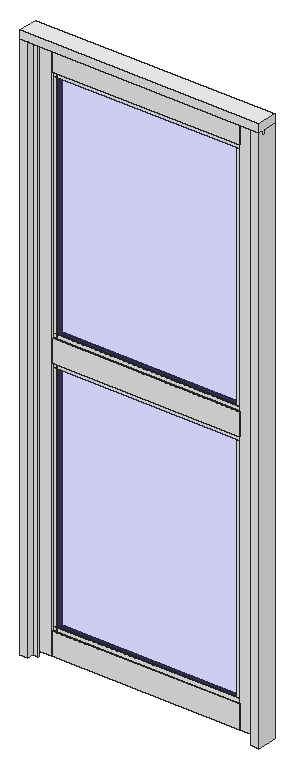
Revit family
Parameters (values of type "SHDM0921")
  Frame Projection Ext. = 25 mm
  Frame Projection Int. = 25 mm
  Frame Width = 75 mm
  Height = 2090 mm
  Wall Closure = (empty or 0)
  Width = 890 mm
Reference planes
  plane 1: y = 0
  plane 2 "Center (Left/Right)": x = 0
  plane 3 "Left": x = -445
  plane 4 "Right": x = 445
  plane 5: z = 2090
  plane 6 "Exterior": y = 75
  plane 7 "Interior": y = -75
Forms (mm)
  Sweep 1, solid, material "Default Frame"
    path origin (-995, -75, 0) x (1, 0, 0) y (0, 0, -1)
      loop
        line (1440, 0) -> (1440, -2060)
    profile origin (445, -75, 1030) x (1, 0, 0) y (0, 1, 0)
      loop
        line (-48, 60.201) -> (-30, 60.201) -> (-30, 37.5) -> (0, 37.5) -> (0, 112.5) -> (-30, 112.5) -> (-30, 62.001) -> (-37.2, 62.001) -> (-37.2, 64.501) -> (-48, 64.501) -> (-48, 60.201)
  Sweep 2, solid, material "Rubber seal"
    path origin (-995, 66.75, -154) x (1, 0, 0) y (0, 0, 1)
      loop
        line (1330.977, 270.023) -> (1330.977, 1133.977) -> (659.023, 1133.977) -> (659.023, 270.023) -> (1330.977, 270.023)
    profile origin (0, 66.75, 116.023) x (0, 0, -1) y (0, -1, 0)
      loop
        line (0, 65.25) -> (0, 62) -> (5, 62) -> (5, 65.25) -> (0, 65.25)
      loop
        line (0, 52.713) -> (5, 52.713) -> (5, 56) -> (0, 56) -> (0, 52.713)
  Extrusion 3, solid, material "Glass"
    sketch origin (-995, 10.75, -154) x (1, 0, 0) y (0, 0, 1)
      loop
        line (1335.977, 2115) -> (654.023, 2115) -> (654.023, 265.023) -> (1335.977, 265.023) -> (1335.977, 2115)
    from 0 to 6
  Sweep 4, solid, material "Default Frame"
    path origin (995, -75, 0) x (-1, 0, 0) y (0, 0, 1)
      loop
        line (1440, 0) -> (1440, 2060)
    profile origin (-445, -75, 1030) x (1, 0, 0) y (0, 1, 0)
      loop
        line (48, 60.201) -> (48, 64.501) -> (37.2, 64.501) -> (37.2, 62.001) -> (30, 62.001) -> (30, 112.5) -> (0, 112.5) -> (0, 37.5) -> (30, 37.5) -> (30, 60.201) -> (48, 60.201)
  Sweep 5, solid, material "Default Frame"
    path origin (-995, -44, 0) x (1, 0, 0) y (0, 0, -1)
      loop
        line (1440, -16) -> (1440, -2056)
    profile origin (445, -44, 1036) x (1, 0, 0) y (0, 1, 0)
      loop
        line (-94, 42.5) -> (-94, 37.5) -> (-34, 37.5) -> (-34, 81.5) -> (-94, 81.5) -> (-94, 71.5) -> (-91.4, 71.5) -> (-91.4, 57.5) -> (-94, 57.5) -> (-94, 44.5) -> (-107.8, 44.5) -> (-107.8, 45.5) -> (-109, 45.5) -> (-109, 42.5) -> (-94, 42.5)
  Sweep 6, solid, material "Default Frame"
    path origin (-995, -44, 0) x (1, 0, 0) y (0, 0, -1)
      loop
        line (1440, -101) -> (1440, -1971)
    profile origin (445, -44, 1036) x (1, 0, 0) y (0, 1, 0)
      loop
        line (-109.723, 58.037) -> (-92.631, 58.037) -> (-92.375, 55.712) -> (-91.6, 55.035) -> (-91.6, 70.943) -> (-94, 70.943) -> (-94, 73.759) -> (-109.723, 58.037)
  Sweep 7, solid, material "Default Frame"
    path origin (995, -44, 0) x (-1, 0, 0) y (0, 0, 1)
      loop
        line (1440, 16) -> (1440, 2056)
    profile origin (-445, -44, 1036) x (1, 0, 0) y (0, 1, 0)
      loop
        line (94, 42.5) -> (109, 42.5) -> (109, 45.5) -> (107.8, 45.5) -> (107.8, 44.5) -> (94, 44.5) -> (94, 57.5) -> (91.4, 57.5) -> (91.4, 71.5) -> (94, 71.5) -> (94, 81.5) -> (34, 81.5) -> (34, 37.5) -> (94, 37.5) -> (94, 42.5)
  Sweep 8, solid, material "Default Frame"
    path origin (995, -44, 0) x (-1, 0, 0) y (0, 0, 1)
      loop
        line (1440, 101) -> (1440, 1971)
    profile origin (-445, -44, 1036) x (1, 0, 0) y (0, 1, 0)
      loop
        line (109.723, 58.037) -> (94, 73.759) -> (94, 70.943) -> (91.6, 70.943) -> (91.6, 55.035) -> (92.375, 55.712) -> (92.631, 58.037) -> (109.723, 58.037)
  Sweep 9, solid, material "Default Frame"
    path origin (-482, -44, 1477) x (0, 0, -1) y (-1, 0, 0)
      loop
        line (1495, -131) -> (1495, -833)
    profile origin (0, -44, -18) x (0, 0, -1) y (0, 1, 0)
      loop
        line (-119, 42.5) -> (-119, 37.5) -> (-34, 37.5) -> (-34, 81.5) -> (-119, 81.5) -> (-119, 71.5) -> (-116.4, 71.5) -> (-116.4, 57.5) -> (-119, 57.5) -> (-119, 44.5) -> (-132.8, 44.5) -> (-132.8, 45.5) -> (-134, 45.5) -> (-134, 42.5) -> (-119, 42.5)
  Sweep 10, solid, material "Default Frame"
    path origin (-482, -44, 1502) x (0, 0, -1) y (-1, 0, 0)
      loop
        line (1495, -131) -> (1495, -833)
    profile origin (0, -44, 7) x (0, 0, -1) y (0, 1, 0)
      loop
        line (-109.723, 58.037) -> (-92.631, 58.037) -> (-92.375, 55.712) -> (-91.6, 55.035) -> (-91.6, 70.943) -> (-94, 70.943) -> (-94, 73.759) -> (-109.723, 58.037)
  Sweep 11, solid, material "Default Frame"
    path origin (-482, -44, 505) x (0, 0, 1) y (1, 0, 0)
      loop
        line (1585, 131) -> (1585, 833)
    profile origin (0, -44, 2090) x (0, 0, -1) y (0, 1, 0)
      loop
        line (119, 42.5) -> (134, 42.5) -> (134, 45.5) -> (132.8, 45.5) -> (132.8, 44.5) -> (119, 44.5) -> (119, 57.5) -> (116.4, 57.5) -> (116.4, 71.5) -> (119, 71.5) -> (119, 81.5) -> (34, 81.5) -> (34, 37.5) -> (119, 37.5) -> (119, 42.5)
  Sweep 12, solid, material "Default Frame"
    path origin (-482, -44, 480) x (0, 0, 1) y (1, 0, 0)
      loop
        line (1585, 131) -> (1585, 833)
    profile origin (0, -44, 2065) x (0, 0, -1) y (0, 1, 0)
      loop
        line (109.723, 58.037) -> (94, 73.759) -> (94, 70.943) -> (91.6, 70.943) -> (91.6, 55.035) -> (92.375, 55.712) -> (92.631, 58.037) -> (109.723, 58.037)
  Sweep 13, solid, material "Default Frame"
    path origin (-1500, -75, 505) x (0, 0, 1) y (1, 0, 0)
      loop
        line (1585, 1055) -> (1585, 1945)
    profile origin (0, -75, 2090) x (0, 0, -1) y (0, 1, 0)
      loop
        line (44.8, 60.201) -> (44.8, 64.501) -> (34, 64.501) -> (34, 62.001) -> (30, 62.001) -> (30, 112.5) -> (0, 112.5) -> (0, 37.5) -> (30, 37.5) -> (30, 60.201) -> (44.8, 60.201)
  Sweep 14, solid, material "Default Frame"
    path origin (482, -44, 2456) x (0, 0, -1) y (-1, 0, 0)
      loop
        line (1495, 131) -> (1495, 833)
    profile origin (0, -44, 961) x (0, 0, 1) y (0, 1, 0)
      loop
        line (119, 42.5) -> (134, 42.5) -> (134, 45.5) -> (132.8, 45.5) -> (132.8, 44.5) -> (119, 44.5) -> (119, 57.5) -> (116.4, 57.5) -> (116.4, 71.5) -> (119, 71.5) -> (119, 81.5) -> (34, 81.5) -> (34, 71.5) -> (36.6, 71.5) -> (36.6, 57.5) -> (34, 57.5) -> (34, 44.5) -> (20.2, 44.5) -> (20.2, 45.5) -> (19, 45.5) -> (19, 42.5) -> (34, 42.5) -> (34, 37.5) -> (119, 37.5) -> (119, 42.5)
  Sweep 15, solid, material "Default Frame"
    path origin (482, -44, -496) x (0, 0, 1) y (1, 0, 0)
      loop
        line (1585, -131) -> (1585, -833)
    profile origin (0, -44, 1089) x (0, 0, 1) y (0, 1, 0)
      loop
        line (-109.723, 58.037) -> (-92.631, 58.037) -> (-92.375, 55.712) -> (-91.6, 55.035) -> (-91.6, 70.943) -> (-94, 70.943) -> (-94, 73.759) -> (-109.723, 58.037)
  Sweep 16, solid, material "Default Frame"
    path origin (482, -44, 2571) x (0, 0, -1) y (-1, 0, 0)
      loop
        line (1585, 131) -> (1585, 833)
    profile origin (0, -44, 986) x (0, 0, 1) y (0, 1, 0)
      loop
        line (109.723, 58.037) -> (94, 73.759) -> (94, 70.943) -> (91.6, 70.943) -> (91.6, 55.035) -> (92.375, 55.712) -> (92.631, 58.037) -> (109.723, 58.037)
  Sweep 17, solid, material "Rubber seal"
    path origin (-995, 66.75, -154) x (1, 0, 0) y (0, 0, 1)
      loop
        line (659.023, 1249.023) -> (1330.977, 1249.023) -> (1330.977, 2110) -> (659.023, 2110) -> (659.023, 1249.023)
    profile origin (-335.977, 66.75, 1525.511) x (-1, 0, 0) y (0, -1, 0)
      loop
        line (0, 65.25) -> (0, 62) -> (5, 62) -> (5, 65.25) -> (0, 65.25)
      loop
        line (0, 52.713) -> (5, 52.713) -> (5, 56) -> (0, 56) -> (0, 52.713)
Lines and regions (mm)
  Opening 1
    outline origin (-3050, -75, 0) x (1, 0, 0) y (0, 0, 1)
      loop
        line (2605, 0) -> (3495, 0) -> (3495, 2090) -> (2605, 2090) -> (2605, 0)
  symbolic lines, style "Elevation Swing"
    curve 1: line (411, -75, 1045) -> (-411, -75, 2056)
    curve 2: line (411, -75, 1045) -> (-411, -75, 16)
    curve 3: line (-411, 75, 16) -> (411, 75, 1045)
    curve 4: line (411, 75, 1045) -> (-411, 75, 2056)
  symbolic lines, style "Plan Swing"
    curve 5: arc (-411, 37.5, 0) -> (-170.242, 618.742, 0) -> (411, 859.5, 0) r 822
    curve 6: line (411, 37.5, 0) -> (411, 859.5, 0)
Text (mm)
  text "Exterior" at (-2295.016, 1099.543, 0), in view "Ref. Level"
  text "Exterior" at (0, 1615.38, 3698.081), in view "Left"
  text "Exterior" at (0, 1036.032, 3874.932), in view "Right"
Dimensions and locks
  equal spacing: plane 3 "Left", plane 2 "Center (Left/Right)", plane 4 "Right"
  "Width": plane 3 "Left" to plane 4 "Right"
  "Height": plane 5 to host wall
  equal spacing: host wall, curve 2, plane 5
  equal spacing: host wall, curve 4, plane 5
  locked: plane 6 "Exterior" to host wall at 0
  locked: plane 7 "Interior" to host wall
  locked: Sweep 2 sketch curve to Sweep 6 at 0.7
  locked: Sweep 8 to Sweep 2 sketch curve at 0.7
  locked: Sweep 2 sketch curve to Sweep 10 at 0.7
  aligned and locked: plane 3 "Left" to Opening 1 sketch curve
  aligned and locked: plane 5 to Opening 1 sketch curve  (x2)
  aligned and locked: Opening 1 sketch curve to plane 4 "Right"
  aligned and locked: Opening 1 sketch curve to level
  aligned and locked: plane 1 to host wall
  aligned and locked: Sweep 2 to Extrusion 3  (x2)
  aligned and locked: Extrusion 3 to Sweep 2
  aligned and locked: Sweep 9 sketch curve to Sweep 5
  aligned and locked: Sweep 7 to Sweep 9 sketch curve
  aligned and locked: Sweep 11 to Sweep 5 sketch curve
  aligned and locked: host wall to Sweep 13 sketch curve
  aligned and locked: Sweep 13 sketch curve to host wall
  aligned and locked: Sweep 1 sketch curve to Sweep 13
  aligned and locked: Sweep 10 sketch curve to Sweep 5
  aligned and locked: Sweep 7 to Sweep 10 sketch curve
  aligned and locked: Sweep 8 sketch curve to Sweep 9
  aligned and locked: Sweep 11 to Sweep 8 sketch curve
  aligned and locked: Sweep 6 sketch curve to Sweep 11
  aligned and locked: Sweep 9 to Sweep 6 sketch curve
  aligned and locked: Sweep 5 to Sweep 12 sketch curve
  aligned and locked: Sweep 12 sketch curve to Sweep 7
Automatic sketch dimensions
  Sweep 1 sketch curve to plane 4 "Right" = 0 mm
  Sweep 1 sketch curve to level = 0 mm
  Sweep 1 sketch curve to profile plane = 0 mm
  profile plane to Sweep 1 sketch curve = 30 mm  (x2)
  Sweep 1 sketch curve to Sweep 1 sketch curve = 7.2 mm
  Sweep 1 sketch curve to Sweep 1 sketch curve = 10.8 mm
  profile plane to Sweep 1 sketch curve = 37.5 mm
  Sweep 1 sketch curve to Sweep 1 sketch curve = 22.701 mm
  Sweep 1 sketch curve to Sweep 1 sketch curve = 1.8 mm
  Sweep 1 sketch curve to Sweep 1 sketch curve = 4.3 mm
  Sweep 1 sketch curve to Sweep 1 sketch curve = 50.499 mm
  plane 5 to Extrusion 3 sketch curve = 129 mm
  Extrusion 3 sketch curve to plane 3 "Left" = 104.023 mm
  plane 4 "Right" to Extrusion 3 sketch curve = 104.023 mm
  level to Extrusion 3 sketch curve = 111.023 mm
  Sweep 4 sketch curve to plane 3 "Left" = 0 mm
  Sweep 4 sketch curve to level = 0 mm
  plane 5 to Sweep 4 sketch curve = 30 mm
  Sweep 4 sketch curve to profile plane = 0 mm
  Sweep 4 sketch curve to profile plane = 30 mm  (x2)
  Sweep 4 sketch curve to Sweep 4 sketch curve = 7.2 mm
  Sweep 4 sketch curve to Sweep 4 sketch curve = 10.8 mm
  profile plane to Sweep 4 sketch curve = 37.5 mm
  Sweep 4 sketch curve to Sweep 4 sketch curve = 22.701 mm
  Sweep 4 sketch curve to Sweep 4 sketch curve = 1.8 mm
  Sweep 4 sketch curve to Sweep 4 sketch curve = 4.3 mm
  Sweep 4 sketch curve to Sweep 4 sketch curve = 50.499 mm
  Sweep 5 sketch curve to plane 4 "Right" = 0 mm
  level to Sweep 5 sketch curve = 16 mm
  profile plane to Sweep 5 sketch curve = 42.5 mm
  profile plane to Sweep 5 sketch curve = 109 mm
  Sweep 5 sketch curve to Sweep 5 sketch curve = 1.2 mm
  Sweep 5 sketch curve to Sweep 5 sketch curve = 13.8 mm  (x2)
  Sweep 5 sketch curve to Sweep 5 sketch curve = 0 mm
  Sweep 5 sketch curve to Sweep 5 sketch curve = 2.6 mm
  profile plane to Sweep 5 sketch curve = 34 mm
  profile plane to Sweep 5 sketch curve = 37.5 mm
  Sweep 5 sketch curve to Sweep 5 sketch curve = 2 mm
  Sweep 5 sketch curve to Sweep 5 sketch curve = 1 mm
  Sweep 5 sketch curve to Sweep 5 sketch curve = 13 mm
  Sweep 5 sketch curve to Sweep 5 sketch curve = 14 mm
  Sweep 5 sketch curve to Sweep 5 sketch curve = 44 mm
  Sweep 6 sketch curve to plane 4 "Right" = 0 mm
  profile plane to Sweep 6 sketch curve = 109.723 mm
  Sweep 6 sketch curve to Sweep 6 sketch curve = 15.723 mm
  Sweep 6 sketch curve to Sweep 6 sketch curve = 1.369 mm
  Sweep 6 sketch curve to Sweep 6 sketch curve = 0.257 mm
  Sweep 6 sketch curve to Sweep 6 sketch curve = 2.4 mm
  profile plane to Sweep 6 sketch curve = 55.035 mm
  Sweep 6 sketch curve to Sweep 6 sketch curve = 0.677 mm
  Sweep 6 sketch curve to Sweep 6 sketch curve = 2.324 mm
  Sweep 6 sketch curve to Sweep 6 sketch curve = 12.906 mm
  Sweep 6 sketch curve to Sweep 6 sketch curve = 2.816 mm
  Sweep 7 sketch curve to plane 3 "Left" = 0 mm
  level to Sweep 7 sketch curve = 16 mm
  Sweep 7 sketch curve to profile plane = 34 mm
  Sweep 7 sketch curve to Sweep 7 sketch curve = 57.4 mm
  Sweep 7 sketch curve to Sweep 7 sketch curve = 2.6 mm  (x2)
  Sweep 7 sketch curve to Sweep 7 sketch curve = 0 mm
  Sweep 7 sketch curve to Sweep 7 sketch curve = 13.8 mm
  Sweep 7 sketch curve to Sweep 7 sketch curve = 1.2 mm
  profile plane to Sweep 7 sketch curve = 37.5 mm
  Sweep 7 sketch curve to Sweep 7 sketch curve = 5 mm
  Sweep 7 sketch curve to Sweep 7 sketch curve = 2 mm
  Sweep 7 sketch curve to Sweep 7 sketch curve = 1 mm
  Sweep 7 sketch curve to Sweep 7 sketch curve = 13 mm
  Sweep 7 sketch curve to Sweep 7 sketch curve = 14 mm
  Sweep 7 sketch curve to Sweep 7 sketch curve = 44 mm
  Sweep 8 sketch curve to plane 3 "Left" = 0 mm
  Sweep 8 sketch curve to profile plane = 91.6 mm
  Sweep 8 sketch curve to Sweep 8 sketch curve = 0.775 mm
  Sweep 8 sketch curve to Sweep 8 sketch curve = 0.257 mm
  Sweep 8 sketch curve to Sweep 8 sketch curve = 2.4 mm
  Sweep 8 sketch curve to Sweep 8 sketch curve = 17.091 mm
  profile plane to Sweep 8 sketch curve = 55.035 mm
  Sweep 8 sketch curve to Sweep 8 sketch curve = 0.677 mm
  Sweep 8 sketch curve to Sweep 8 sketch curve = 2.324 mm
  Sweep 8 sketch curve to Sweep 8 sketch curve = 12.906 mm
  Sweep 8 sketch curve to Sweep 8 sketch curve = 2.816 mm
  Sweep 9 sketch curve to level = 18 mm
  profile plane to Sweep 9 sketch curve = 42.5 mm
  profile plane to Sweep 9 sketch curve = 134 mm
  Sweep 9 sketch curve to Sweep 9 sketch curve = 1.2 mm
  Sweep 9 sketch curve to Sweep 9 sketch curve = 13.8 mm  (x2)
  Sweep 9 sketch curve to Sweep 9 sketch curve = 0 mm
  Sweep 9 sketch curve to Sweep 9 sketch curve = 2.6 mm
  profile plane to Sweep 9 sketch curve = 34 mm
  profile plane to Sweep 9 sketch curve = 37.5 mm
  Sweep 9 sketch curve to Sweep 9 sketch curve = 2 mm
  Sweep 9 sketch curve to Sweep 9 sketch curve = 1 mm
  Sweep 9 sketch curve to Sweep 9 sketch curve = 13 mm
  Sweep 9 sketch curve to Sweep 9 sketch curve = 14 mm
  Sweep 9 sketch curve to Sweep 9 sketch curve = 44 mm
  level to Sweep 10 sketch curve = 7 mm
  profile plane to Sweep 10 sketch curve = 109.723 mm
  Sweep 10 sketch curve to Sweep 10 sketch curve = 15.723 mm
  Sweep 10 sketch curve to Sweep 10 sketch curve = 1.369 mm
  Sweep 10 sketch curve to Sweep 10 sketch curve = 0.257 mm
  Sweep 10 sketch curve to Sweep 10 sketch curve = 2.4 mm
  profile plane to Sweep 10 sketch curve = 55.035 mm
  Sweep 10 sketch curve to Sweep 10 sketch curve = 0.677 mm
  Sweep 10 sketch curve to Sweep 10 sketch curve = 2.324 mm
  Sweep 10 sketch curve to Sweep 10 sketch curve = 12.906 mm
  Sweep 10 sketch curve to Sweep 10 sketch curve = 2.816 mm
  Sweep 11 sketch curve to plane 5 = 0 mm
  plane 4 "Right" to Sweep 11 sketch curve = 94 mm
  Sweep 11 sketch curve to profile plane = 34 mm
  Sweep 11 sketch curve to Sweep 11 sketch curve = 82.4 mm
  Sweep 11 sketch curve to Sweep 11 sketch curve = 2.6 mm  (x2)
  Sweep 11 sketch curve to Sweep 11 sketch curve = 0 mm
  Sweep 11 sketch curve to Sweep 11 sketch curve = 13.8 mm
  Sweep 11 sketch curve to Sweep 11 sketch curve = 1.2 mm
  profile plane to Sweep 11 sketch curve = 37.5 mm
  Sweep 11 sketch curve to Sweep 11 sketch curve = 5 mm
  Sweep 11 sketch curve to Sweep 11 sketch curve = 2 mm
  Sweep 11 sketch curve to Sweep 11 sketch curve = 1 mm
  Sweep 11 sketch curve to Sweep 11 sketch curve = 13 mm
  Sweep 11 sketch curve to Sweep 11 sketch curve = 14 mm
  Sweep 11 sketch curve to Sweep 11 sketch curve = 44 mm
  plane 5 to Sweep 12 sketch curve = 25 mm
  Sweep 12 sketch curve to profile plane = 91.6 mm
  Sweep 12 sketch curve to Sweep 12 sketch curve = 0.775 mm
  Sweep 12 sketch curve to Sweep 12 sketch curve = 0.257 mm
  Sweep 12 sketch curve to Sweep 12 sketch curve = 2.4 mm
  Sweep 12 sketch curve to Sweep 12 sketch curve = 17.091 mm
  profile plane to Sweep 12 sketch curve = 55.035 mm
  Sweep 12 sketch curve to Sweep 12 sketch curve = 0.677 mm
  Sweep 12 sketch curve to Sweep 12 sketch curve = 2.324 mm
  Sweep 12 sketch curve to Sweep 12 sketch curve = 12.906 mm
  Sweep 12 sketch curve to Sweep 12 sketch curve = 2.816 mm
  Sweep 13 sketch curve to plane 5 = 0 mm
  Sweep 13 sketch curve to profile plane = 0 mm
  Sweep 13 sketch curve to profile plane = 30 mm  (x2)
  Sweep 13 sketch curve to Sweep 13 sketch curve = 4 mm
  Sweep 13 sketch curve to Sweep 13 sketch curve = 10.8 mm
  profile plane to Sweep 13 sketch curve = 37.5 mm
  Sweep 13 sketch curve to Sweep 13 sketch curve = 22.701 mm
  Sweep 13 sketch curve to Sweep 13 sketch curve = 1.8 mm
  Sweep 13 sketch curve to Sweep 13 sketch curve = 4.3 mm
  Sweep 13 sketch curve to Sweep 13 sketch curve = 50.499 mm
  plane 5 to Sweep 7 sketch curve = 34 mm
  Sweep 11 sketch curve to plane 3 "Left" = 94 mm
  curve 5 to plane 3 "Left" = 34 mm
  plane 4 "Right" to curve 5 = 34 mm
  curve 5 to host wall = 37.5 mm
  curve 6 to curve 5 = 0 mm
  plane 5 to curve 4 = 34 mm
  curve 1 to curve 4 = 0 mm
  level to curve 3 = 16 mm
  curve 2 to curve 3 = 0 mm  (x3)
  curve 1 to plane 3 "Left" = 34 mm
  curve 3 to plane 3 "Left" = 34 mm
  curve 4 to curve 1 = 0 mm
  plane 4 "Right" to curve 3 = 34 mm
  Sweep 14 sketch curve to plane 2 "Center (Left/Right)" = 351 mm
  level to Sweep 14 sketch curve = 961 mm
  plane 4 "Right" to Sweep 14 sketch curve = 94 mm
  Sweep 14 sketch curve to profile plane = 19 mm
  Sweep 14 sketch curve to Sweep 14 sketch curve = 1.2 mm  (x2)
  Sweep 14 sketch curve to Sweep 14 sketch curve = 13.8 mm  (x2)
  Sweep 14 sketch curve to Sweep 14 sketch curve = 0 mm  (x3)
  Sweep 14 sketch curve to Sweep 14 sketch curve = 2.6 mm  (x3)
  Sweep 14 sketch curve to Sweep 14 sketch curve = 79.8 mm
  profile plane to Sweep 14 sketch curve = 37.5 mm
  Sweep 14 sketch curve to Sweep 14 sketch curve = 5 mm  (x2)
  Sweep 14 sketch curve to Sweep 14 sketch curve = 2 mm  (x2)
  Sweep 14 sketch curve to Sweep 14 sketch curve = 1 mm  (x2)
  Sweep 14 sketch curve to Sweep 14 sketch curve = 13 mm  (x2)
  Sweep 14 sketch curve to Sweep 14 sketch curve = 14 mm  (x2)
  Sweep 14 sketch curve to Sweep 14 sketch curve = 10 mm
  Sweep 15 sketch curve to plane 2 "Center (Left/Right)" = 351 mm
  plane 5 to Sweep 15 sketch curve = 1001 mm
  plane 4 "Right" to Sweep 15 sketch curve = 94 mm
  profile plane to Sweep 15 sketch curve = 109.723 mm
  Sweep 15 sketch curve to Sweep 15 sketch curve = 15.723 mm
  Sweep 15 sketch curve to Sweep 15 sketch curve = 1.369 mm
  Sweep 15 sketch curve to Sweep 15 sketch curve = 0.257 mm
  Sweep 15 sketch curve to Sweep 15 sketch curve = 2.4 mm
  profile plane to Sweep 15 sketch curve = 55.035 mm
  Sweep 15 sketch curve to Sweep 15 sketch curve = 0.677 mm
  Sweep 15 sketch curve to Sweep 15 sketch curve = 2.324 mm
  Sweep 15 sketch curve to Sweep 15 sketch curve = 12.906 mm
  Sweep 15 sketch curve to Sweep 15 sketch curve = 2.816 mm
  Sweep 16 sketch curve to plane 2 "Center (Left/Right)" = 351 mm
  level to Sweep 16 sketch curve = 986 mm
  plane 4 "Right" to Sweep 16 sketch curve = 94 mm
  Sweep 16 sketch curve to profile plane = 91.6 mm
  Sweep 16 sketch curve to Sweep 16 sketch curve = 0.775 mm
  Sweep 16 sketch curve to Sweep 16 sketch curve = 0.257 mm
  Sweep 16 sketch curve to Sweep 16 sketch curve = 2.4 mm
  Sweep 16 sketch curve to Sweep 16 sketch curve = 17.091 mm
  profile plane to Sweep 16 sketch curve = 55.035 mm
  Sweep 16 sketch curve to Sweep 16 sketch curve = 0.677 mm
  Sweep 16 sketch curve to Sweep 16 sketch curve = 2.324 mm
  Sweep 16 sketch curve to Sweep 16 sketch curve = 12.906 mm
  Sweep 16 sketch curve to Sweep 16 sketch curve = 2.816 mm
  level to Sweep 2 sketch curve = 979.977 mm
  Sweep 2 sketch curve to profile plane = 0 mm  (x2)
  Sweep 2 sketch curve to Sweep 2 sketch curve = 5 mm  (x2)
  profile plane to Sweep 2 sketch curve = 52.713 mm
  Sweep 2 sketch curve to Sweep 2 sketch curve = 3.287 mm
  Sweep 2 sketch curve to Sweep 2 sketch curve = 6 mm
  Sweep 2 sketch curve to Sweep 2 sketch curve = 3.25 mm
  Sweep 17 sketch curve to plane 3 "Left" = 109.023 mm
  plane 4 "Right" to Sweep 17 sketch curve = 109.023 mm
  plane 5 to Sweep 17 sketch curve = 994.977 mm
  plane 5 to Sweep 17 sketch curve = 134 mm
  Sweep 17 sketch curve to profile plane = 0 mm  (x2)
  Sweep 17 sketch curve to Sweep 17 sketch curve = 5 mm  (x2)
  profile plane to Sweep 17 sketch curve = 52.713 mm
  Sweep 17 sketch curve to Sweep 17 sketch curve = 3.287 mm
  Sweep 17 sketch curve to Sweep 17 sketch curve = 6 mm
  Sweep 17 sketch curve to Sweep 17 sketch curve = 3.25 mm
